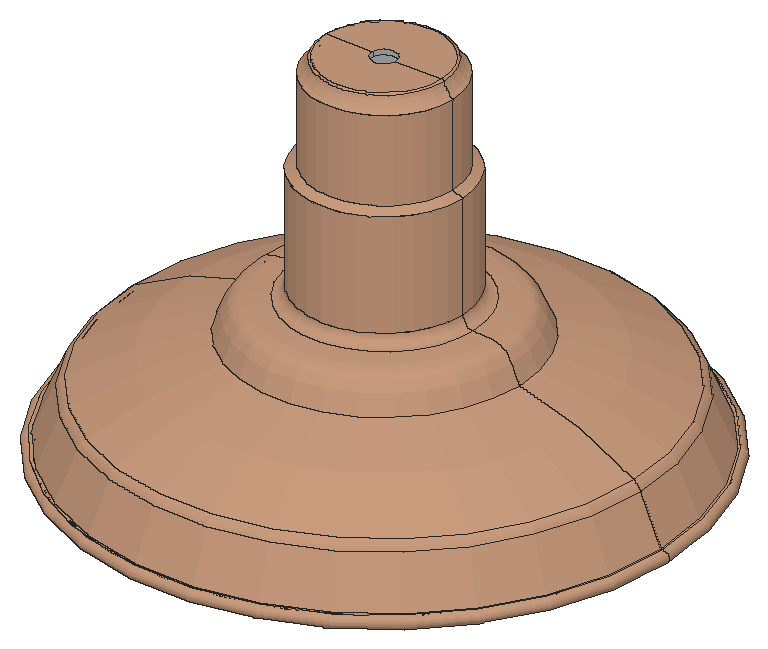
Revit family "S312 SHADE", category Lighting Fixtures, Revit 2024
Family settings
  Round Connector Dimension = Use Diameter
  Part Type = Normal
  OmniClass Number = 23.80.70.00
  OmniClass Title = Lighting
  Work Plane-Based = No
  Always vertical = Yes
  Cut with Voids When Loaded = No
  Light Source = Yes
  Maintain Annotation Orientation = No
  Shared = No
  Room Calculation Point = No
Parameters
  Wattage = 12.1178 W
  built-in parameter 1150110 = 1 (stored number, unit not read)
  built-in parameter 1114217 = 1 (stored number, unit not read)
  built-in parameter 1150109 = 1 (stored number, unit not read)
  built-in parameter 1150134 = (empty or 0)
  built-in parameter 1150113 = 1 (stored number, unit not read)
  Lumens = 1800 lm
  built-in parameter 1150115 = 1 (stored number, unit not read)
  built-in parameter 1150105 = 572.96 (stored number, unit not read)
  Light Source Symbol Size = 2' - 0"
  built-in parameter 1150137 = (empty or 0)
  built-in parameter 1150139 = (empty or 0)
  built-in parameter 1150112 = 1 (stored number, unit not read)
  built-in parameter 1150114 = 1 (stored number, unit not read)
  built-in parameter 1150132 = 2
  built-in parameter 1150102 = (empty or 0)
  built-in parameter 1150138 = (empty or 0)
  built-in parameter 1150107 = 3000 (stored number, unit not read)
  built-in parameter 1150106 = 5.7296 (stored number, unit not read)
  built-in parameter 1150104 = 13.8 (stored number, unit not read)
  Dimming Lamp Color Temperature Shift = (empty or 0)
  Default Elevation = 0' - 0"
  Color Filter = 16777215
  built-in parameter 1114218 = 1 (stored number, unit not read)
  built-in parameter 1150133 = 10 (stored number, unit not read)
Reference planes (in)
  plane 1 "Light Source Axis (F/B)": y = 0
  plane 2: z = 0
  plane 3 "Light Source Axis (L/R)": x = 0
  plane 4 "Light Source Elevation": z = 54
Forms (in)
  Revolve 1, solid
    sketch origin (0, 0, 0) x (1, 0, 0) y (0, 0, 1)
      loop
        line (-5.75591, 54.16297) -> (-5.3242, 55.14606)
        arc (-5.3242, 55.14606) -> (-5.27955, 55.21603) -> (-5.21576, 55.26915) r 0.27019
        arc (-5.21576, 55.26915) -> (-4.03988, 55.84389) -> (-2.78331, 56.21004) r 7.65939
        spline (-2.78331, 56.21004) -> (-2.70281, 56.42175) -> (-2.63483, 56.56877) -> (-2.57947, 56.66452) -> (-2.53432, 56.72532) -> (-2.49725, 56.76624) -> (-2.46981, 56.79076) -> (-2.44456, 56.80654) -> (-2.40811, 56.82198) -> (-2.35331, 56.83792) -> (-2.25922, 56.85464) -> (-2.10479, 56.87117) -> (-1.87105, 56.88665)
        arc (-1.87105, 56.88665) -> (-1.64829, 56.98057) -> (-1.55625, 57.2041) r 0.31747
        line (-1.55625, 57.2041) -> (-1.55625, 59.34206) -> (-1.35625, 59.44206) -> (-1.35625, 61.15387)
        arc (-1.35625, 61.15387) -> (-1.25119, 61.26837) -> (-1.17951, 61.40625) r 0.59261
        line (-1.17951, 61.40625) -> (-0.25, 61.40625) -> (-0.25, 61.5) -> (-1.21259, 61.5)
        arc (-1.21259, 61.5) -> (-1.23759, 61.4933) -> (-1.25589, 61.475) r 0.05
        arc (-1.25589, 61.475) -> (-1.32905, 61.32063) -> (-1.45, 61.2) r 0.49886
        line (-1.45, 61.2) -> (-1.45, 59.5) -> (-1.65, 59.4) -> (-1.65, 57.2041)
        arc (-1.65, 57.2041) -> (-1.71553, 57.04591) -> (-1.87372, 56.98038) r 0.22372
        spline (-1.87372, 56.98038) -> (-2.10787, 56.96501) -> (-2.26687, 56.94822) -> (-2.36986, 56.93031) -> (-2.436, 56.91156) -> (-2.48345, 56.89192) -> (-2.52237, 56.86848) -> (-2.55907, 56.83698) -> (-2.59977, 56.79308) -> (-2.6487, 56.7293) -> (-2.7069, 56.63308) -> (-2.77507, 56.49142) -> (-2.85395, 56.2913)
        arc (-2.85395, 56.2913) -> (-4.09852, 55.92167) -> (-5.26397, 55.34955) r 7.75314
        arc (-5.26397, 55.34955) -> (-5.34989, 55.278) -> (-5.41003, 55.18376) r 0.36394
        line (-5.41003, 55.18376) -> (-5.82008, 54.25) -> (-5.875, 54.25)
        arc (-5.875, 54.25) -> (-5.94875, 54.02408) -> (-5.75591, 54.16297) r 0.125
      axis (0, 61.5) -> (0, 54.16297)
    angle from 0 to 360
Dimensions and locks (in)
  aligned and locked: plane 3 "Light Source Axis (L/R)" to imposter light
  aligned and locked: plane 1 "Light Source Axis (F/B)" to imposter light
  aligned and locked: plane 4 "Light Source Elevation" to imposter light
  aligned and locked: level to plane 2
